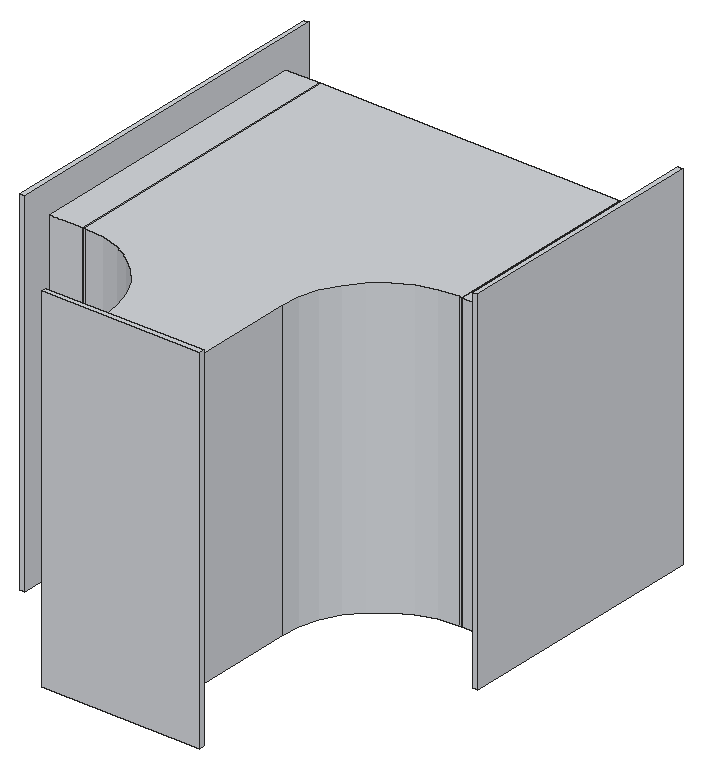
Revit family "RE T-Stück schräg TA - Flansch", category Luftkanalformteile, Revit 2014
Parameters (values of type "Allgemein")
  x2 [instance] = if(not(Min. abdh > 100 mm), 0 mm, if(not(Min. abdh > 125 mm), 25 mm, if(not(Min. abdh > 150 mm), 50 mm, if(not(Min. abdh > 175 mm), 75 mm, if(not(Min. abdh > 200 mm), 100 mm, if(not(Min. abdh > 225 mm), 125 mm, 150 mm))))))  # 0 mm
  x [instance] = 35 mm
  r1 [instance] = if(r = 0 mm, if((0.896 * Min. bdh - 107.1 mm) > 0 mm, 0.896 * Min. bdh - 107.1 mm, 25 mm), r)  # 100 mm
  r [instance] = 100 mm
  m2 [instance] = 2000 mm + m + Versatz 1  # 2125 mm
  m1 [instance] = 2000 mm  # constant formula
  m [instance] = 0 mm
  l2 [instance] = if(l1 > f1 * 2 + h, l1, f1 * 2 + h + 1.6 mm)  # 374.8 mm
  l [instance] = 0 mm
  f2 [instance] = if(f = 0 mm, 0.9222 * Min. bdh - 82.8 mm, f)  # 9.42 mm
  f1 [instance] = if(f2 > r1 + Länge 1, f2, r1 + Länge 1 + 1.6 mm)  # 136.6 mm
  f [instance] = 0 mm
  e4 [instance] = if(e = 0 mm, 0.9222 * Min. bdh - 82.8 mm, e)  # 9.42 mm
  e3 [instance] = r1 + Länge 1 + abs(b - d) + m  # 235 mm
  e2 [instance] = r1 + Länge 1 + m  # 135 mm
  e1 [instance] = if(b > d, if(e4 > e3, e4, e3 + 1.6 mm), if(e4 > e2, e4, e2 + 1.6 mm))  # 236.6 mm
  e [instance] = 0 mm
  Sichtbarkeit 4 [instance] = Versatz 1 > b / 2  # no
  Sichtbarkeit 3 [instance] = not(Versatz 1 > b / 2)  # yes
  Sichtbarkeit 2 [instance] = x1 = 0 mm  # no
  Versatz 1 [instance] = if(b > d, abs((b / 2 - d / 2) / 2 + d / 2 - m / 2), abs((d / 2 - b / 2) / 2 + b / 2 - m / 2))  # 125 mm
  RLT_DIN_r [instance] = r  # 100 mm
  RLT_DIN_m [instance] = m  # 0 mm
  RLT_DIN_l [instance] = l  # 0 mm
  RLT_DIN_f [instance] = f  # 0 mm
  RLT_DIN_e [instance] = e  # 0 mm
  RLT_DIN_d [instance] = d  # 200 mm
  RLT_DIN_b [instance] = b  # 300 mm
  RLT_DIN_a [instance] = a  # 300 mm
  RLT_DIN_KZ = "TA"
  Max. abdh [instance] = if(Max. bdh < a, a, Max. bdh)  # 300 mm
  Länge x3 [instance] = x1 + Flanschstärke  # 40 mm
  l1 [instance] = if(l = 0 mm, Max. abdh, l)  # 300 mm
  h [instance] = 100 mm
  d [instance] = 200 mm
  b [instance] = 300 mm
  a [instance] = 300 mm
  Sichtbarkeit 1 [instance] = not(x1 = 0 mm)  # yes
  Min. dh [instance] = if(d < h, d, h)  # 100 mm
  Min. bh [instance] = if(b < h, b, h)  # 100 mm
  Min. bdh [instance] = if(and(b < d, b < h), b, if(and(d < b, d < h), d, h))  # 100 mm
  Min. abdh [instance] = if(Min. bdh < a, Min. bdh, a)  # 100 mm
  Versatz 2 [instance] = if(b > d, b + f, d + f)  # 300 mm
  Länge 1 [instance] = if(x1 = 0 mm, 10 mm, x1)  # 35 mm
  x1 [instance] = if(x = 0 mm, x2, x)  # 35 mm
  Max. bdh [instance] = if(d12 > h, d12, h)  # 300 mm
  d12 [instance] = if(b > d, b, d)  # 300 mm
  Flansch h [instance] = h + Flanschverlängerung * 2  # 160 mm
  Flansch d [instance] = d + Flanschverlängerung * 2  # 260 mm
  Flansch b [instance] = b + Flanschverlängerung * 2  # 360 mm
  Flansch a [instance] = a + Flanschverlängerung * 2  # 360 mm
  Flanschstärke [instance] = 5 mm
  Flanschverlängerung [instance] = 30 mm
  Assembly Code = ""
Reference planes
  plane 1 "Mitte (vorne/hinten)": y = 0
  plane 2: z = 0
  plane 3 "Mitte (links/rechts)": x = 0
  plane 4: y = 125
  plane 5: x = -50
  plane 6: x = 50
  plane 7: z = 150
  plane 8: z = -150
  plane 9: y = -175
  plane 10: y = -2000
  plane 11: y = -25
  plane 12: x = -186.6
  plane 13: x = -150
  plane 14: x = -191.6
  plane 15: x = -151.6
  plane 16: x = 188.2
  plane 17: x = 193.2
  plane 18: y = 125
  plane 19: y = -275
  plane 20: x = 153.2
  plane 21: y = -75
  plane 22: y = 25
  plane 23: y = -175
  plane 24: x = 150
  plane 25: x = -151.6
  plane 26: x = 153.2
  plane 27: y = -436.7
  plane 28: y = -311.6
  plane 29: y = -316.6
  plane 30: y = -276.6
  plane 31: y = -276.6
  plane 32: y = 155
  plane 33: y = -205
  plane 34: y = 155
  plane 35: y = -105
  plane 36: x = -80
  plane 37: x = 80
Forms (mm)
  Extrusion 1, solid, detail levels medium+fine
    sketch origin (0, 0, 0) x (1, 0, 0) y (0, 1, 0)
      loop
        line (153.2, -75) -> (153.2, 125) -> (-151.6, 125) -> (-151.6, -175) -> (-150, -175)
        arc (-150, -175) -> (-79.289, -204.289) -> (-50, -275) r 100
        line (-50, -275) -> (-50, -276.6) -> (50, -276.6) -> (50, -175)
        arc (50, -175) -> (79.289, -104.289) -> (150, -75) r 100
        line (150, -75) -> (153.2, -75)
    from -150 to 150
  Sweep 2, solid, visible <- "Sichtbarkeit 1", detail levels medium+fine
    path in 3D
      loop
        line (-186.6, -25, 0) -> (-151.6, -25, 0)
    profile "Luftkanal - rechteckig : Luftkanal - rechteckig 1" origin (-169.1, -25, 0) x (0, 1, 0) y (0, 0, 1)
      loop
        line (-150, 150) -> (-150, -150) -> (150, -150) -> (150, 150) -> (-150, 150)
  Sweep 3, solid, visible <- "Sichtbarkeit 1", detail levels medium+fine
    path in 3D
      loop
        line (188.2, 25, 0) -> (153.2, 25, 0)
    profile "Luftkanal - rechteckig : Luftkanal - rechteckig 2" origin (170.7, 25, 0) x (0, -1, 0) y (0, 0, 1)
      loop
        line (-100, 150) -> (-100, -150) -> (100, -150) -> (100, 150) -> (-100, 150)
  Sweep 4, solid, detail levels fine
    path in 3D
      loop
        line (-186.6, -25, 0) -> (-191.6, -25, 0)
    profile "Luftkanal - rechteckig : Luftkanal - Flansch 1" origin (-189.1, -25, 0) x (0, -1, 0) y (0, 0, 1)
      loop
        line (-180, 180) -> (-180, -180) -> (180, -180) -> (180, 180) -> (-180, 180)
  Sweep 5, solid, detail levels fine
    path in 3D
      loop
        line (193.2, 25, 0) -> (188.2, 25, 0)
    profile "Luftkanal - rechteckig : Luftkanal - Flansch 2" origin (190.7, 25, 0) x (0, -1, 0) y (0, 0, 1)
      loop
        line (-130, 180) -> (-130, -180) -> (130, -180) -> (130, 180) -> (-130, 180)
  Sweep 6, solid, visible <- "Sichtbarkeit 1", detail levels medium+fine
    path in 3D
      loop
        line (0, -276.6, 0) -> (0, -311.6, 0)
    profile "Luftkanal - rechteckig : Luftkanal - rechteckig 3" origin (0, -294.1, 0) x (1, 0, 0) y (0, 0, 1)
      loop
        line (-50, 150) -> (-50, -150) -> (50, -150) -> (50, 150) -> (-50, 150)
  Sweep 7, solid, detail levels fine
    path in 3D
      loop
        line (0, -316.6, 0) -> (0, -311.6, 0)
    profile "Luftkanal - rechteckig : Luftkanal - Flansch 3" origin (0, -314.1, 0) x (-1, 0, 0) y (0, 0, 1)
      loop
        line (-80, 180) -> (-80, -180) -> (80, -180) -> (80, 180) -> (-80, 180)
  Sweep 8, solid, detail levels medium
    path in 3D
      loop
        line (0, -316.6, 0) -> (0, -311.6, 0)
    profile "Luftkanal - rechteckig : Luftkanal - rechteckig 3" origin (0, -314.1, 0) x (-1, 0, 0) y (0, 0, 1)
      loop
        line (-50, 150) -> (-50, -150) -> (50, -150) -> (50, 150) -> (-50, 150)
  Sweep 9, solid, detail levels medium
    path in 3D
      loop
        line (-186.6, -25, 0) -> (-191.6, -25, 0)
    profile "Luftkanal - rechteckig : Luftkanal - rechteckig 1" origin (-189.1, -25, 0) x (0, -1, 0) y (0, 0, 1)
      loop
        line (-150, 150) -> (-150, -150) -> (150, -150) -> (150, 150) -> (-150, 150)
  Sweep 10, solid, detail levels medium
    path in 3D
      loop
        line (193.2, 25, 0) -> (188.2, 25, 0)
    profile "Luftkanal - rechteckig : Luftkanal - rechteckig 2" origin (190.7, 25, 0) x (0, -1, 0) y (0, 0, 1)
      loop
        line (-100, 150) -> (-100, -150) -> (100, -150) -> (100, 150) -> (-100, 150)
Lines and regions (mm)
  model lines, not visible, detail levels coarse
    curve 1: line (-186.6, -25, 0) -> (-151.6, -25, 0)
    curve 5: line (-186.6, -25, 0) -> (-191.6, -25, 0)
    curve 9: line (0, -316.6, 0) -> (0, -311.6, 0)
    curve 10: line (0, -276.6, 0) -> (0, -311.6, 0)
  model lines, visible <- "Sichtbarkeit 1", detail levels coarse
    curve 2: line (188.2, 25, 0) -> (153.2, 25, 0)
    curve 13: line (0, 0, 0) -> (153.2, 25, 0)
  sketch lines
    curve 3: line (-186.6, -25, 0) -> (-151.6, -25, 0)
    curve 4: line (188.2, 25, 0) -> (153.2, 25, 0)
    curve 7: line (-186.6, -25, 0) -> (-191.6, -25, 0)
    curve 8: line (193.2, 25, 0) -> (188.2, 25, 0)
    curve 11: line (0, -276.6, 0) -> (0, -311.6, 0)
    curve 12: line (0, -316.6, 0) -> (0, -311.6, 0)
    curve 16: line (0, -316.6, 0) -> (0, -311.6, 0)
    curve 17: line (-186.6, -25, 0) -> (-191.6, -25, 0)
    curve 18: line (193.2, 25, 0) -> (188.2, 25, 0)
  model lines, detail levels coarse
    curve 6: line (193.2, 25, 0) -> (188.2, 25, 0)
    curve 15: line (-191.6, -25, 0) -> (0, -25, 0)
    curve 19: line (-191.6, 155, 0) -> (-191.6, -205, 0)
    curve 20: line (193.2, -105, 0) -> (193.2, 155, 0)
    curve 21: line (-80, -316.6, 0) -> (80, -316.6, 0)
  model lines, visible <- "Sichtbarkeit 2", detail levels coarse
    curve 14: line (0, 0, 0) -> (188.2, 25, 0)
  model lines, visible <- "Sichtbarkeit 3", detail levels coarse
    curve 22: line (0, 0, 0) -> (0, -316.6, 0)
  model lines, visible <- "Sichtbarkeit 4", detail levels coarse
    curve 23: line (0, -25, 0) -> (0, -316.6, 0)
Dimensions and locks
  "Versatz 1": plane 4 to plane 1 "Mitte (vorne/hinten)"
  equal spacing: plane 7, plane 2, plane 8
  "a": plane 7 to plane 8
  "b": plane 4 to plane 9
  "m1": plane 10 to plane 1 "Mitte (vorne/hinten)"
  "f1": plane 12 to plane 5
  "r1": plane 13 to plane 5
  "Flanschstärke": plane 14 to plane 12
  "Länge 1": plane 12 to plane 15
  "l2": plane 12 to plane 16
  "Flanschstärke": plane 16 to plane 17
  equal spacing: plane 4, plane 11, plane 9
  "m2": plane 18 to plane 10
  "r1": plane 9 to plane 19
  "Länge 1": plane 20 to plane 16
  "d": plane 18 to plane 21
  equal spacing: plane 18, plane 22, plane 21
  "r1": plane 21 to plane 23
  "r1": plane 6 to plane 24
  "x1": plane 12 to plane 25
  "x1": plane 26 to plane 16
  "e1": plane 21 to plane 28
  "Flanschstärke": plane 28 to plane 29
  "x1": plane 30 to plane 28
  "Länge 1": plane 31 to plane 28
  "Flansch b": plane 33 to plane 32
  equal spacing: plane 32, plane 11, plane 33
  equal spacing: plane 35, plane 22, plane 34
  "Flansch d": plane 34 to plane 35
  equal spacing: plane 36, plane 3 "Mitte (links/rechts)", plane 37
  "Flansch h": plane 36 to plane 37
  "h": plane 5 to plane 6
  equal spacing: plane 5, plane 3 "Mitte (links/rechts)", plane 6
  "r1": radius of Extrusion 1 sketch curve  (x2)
  aligned and locked: plane 7 to Extrusion 1
  aligned and locked: Extrusion 1 to plane 8
  aligned: plane 16 to Extrusion 1
  aligned and locked: plane 12 to curve 1
  aligned and locked: plane 19 to Extrusion 1 sketch curve
  aligned and locked: plane 13 to Extrusion 1 sketch curve  (x2)
  aligned and locked: plane 20 to curve 2
  aligned and locked: plane 22 to curve 2
  aligned and locked: plane 24 to Extrusion 1 sketch curve
  aligned and locked: plane 23 to Extrusion 1 sketch curve  (x2)
  aligned and locked: Extrusion 1 to plane 25
  aligned and locked: Extrusion 1 sketch curve to plane 26
  aligned and locked: plane 4 to Extrusion 1 sketch curve
  aligned and locked: plane 18 to Extrusion 1 sketch curve
  aligned and locked: plane 25 to Extrusion 1 sketch curve
  aligned and locked: plane 17 to curve 6
  aligned and locked: plane 22 to curve 6
  aligned and locked: curve 1 to plane 11
  aligned and locked: plane 3 "Mitte (links/rechts)" to curve 9
  aligned and locked: plane 31 to curve 10
  aligned and locked: curve 10 to plane 3 "Mitte (links/rechts)"
  aligned and locked: Extrusion 1 to plane 30
  aligned and locked: plane 22 to curve 13
  aligned and locked: plane 16 to curve 14
  aligned and locked: plane 3 "Mitte (links/rechts)" to curve 15
  aligned and locked: plane 14 to curve 15
  aligned and locked: curve 15 to plane 11
  aligned and locked: plane 32 to curve 19
  aligned and locked: plane 33 to curve 19
  aligned and locked: curve 19 to plane 14
  aligned and locked: plane 35 to curve 20
  aligned and locked: plane 34 to curve 20
  aligned and locked: plane 17 to curve 20
  aligned and locked: plane 37 to curve 21
  aligned and locked: plane 36 to curve 21
  aligned and locked: curve 21 to plane 29
  aligned and locked: plane 1 "Mitte (vorne/hinten)" to curve 22
  aligned and locked: curve 22 to plane 3 "Mitte (links/rechts)"
  aligned and locked: plane 29 to curve 23
  aligned and locked: plane 11 to curve 23
  aligned and locked: curve 23 to plane 3 "Mitte (links/rechts)"
Automatic sketch dimensions
  curve 1 to plane 15 = 0 mm
  curve 9 to plane 28 = 0 mm
  Extrusion 1 sketch curve to plane 30 = 0 mm
Connectors
  hvac at (-191.6, -25, 0), driven by "a", driven by "b"
    settings: on Sweep 4, index 1, duct flow 0.0 L/s, flow factor 0, pres drop 0.0 Pa, loss coef 0, conn angle 0.00°, conn width 300 mm, conn height 300 mm, conn diameter 609.6 mm, duct sys type 28, conn prof type 1, flow config 0, flow direction 0, loss method 0, conn ref index 2, conn util no, is conn primary yes, conn desc ""
  hvac at (193.2, 25, 0), driven by "a", driven by "d"
    settings: on Sweep 5, index 2, duct flow 0.0 L/s, flow factor 0, pres drop 0.0 Pa, loss coef 0, conn angle 0.00°, conn width 200 mm, conn height 300 mm, conn diameter 609.6 mm, duct sys type 28, conn prof type 1, flow config 0, flow direction 0, loss method 0, conn ref index 1, conn util no, is conn primary no, conn desc ""
  hvac at (0, -316.6, 0), driven by "a", driven by "h"
    settings: on Sweep 7, index 3, duct flow 0.0 L/s, flow factor 0, pres drop 0.0 Pa, loss coef 0, conn angle 0.00°, conn width 100 mm, conn height 300 mm, conn diameter 609.6 mm, duct sys type 28, conn prof type 1, flow config 0, flow direction 0, loss method 0, conn ref index -1, conn util no, is conn primary no, conn desc ""
